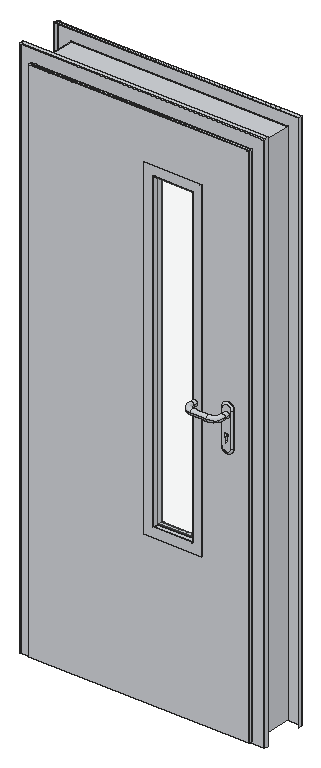
Revit family "Metalowe_3_ość-PS_metal", category Drzwi, Revit 2016
Family settings
  Obiekt nadrzędny = Ściana
  Numer OmniClass = 23.30.10.00
  Tytuł OmniClass = Doors
  Zawsze pionowo = Tak
  Tnij formami wycięć po wczytaniu = Nie
  Współdzielony = Nie
  Punkt obliczania pomieszczeń = Nie
Parameters (values of type "80")
  Zakres szerokości ściany [instance] = (if(and(Grubość ściany > 94 mm, Grubość ściany < 121 mm), "A", if(and(Grubość ściany > 120 mm, Grubość ściany < 146 mm), "B", (if(and(Grubość ściany > 145 mm, Grubość ściany < 171 mm), "C", (if(and(Grubość ściany > 170 mm, Grubość ściany < 196 mm), "D", (if(and(Grubość ściany > 195 mm, Grubość ściany < 221 mm), "E", (if(and(Grubość ściany > 220 mm, Grubość ściany < 246 mm), "F", (if(and(Grubość ściany > 245 mm, Grubość ściany < 271 mm), "G", (if(and(Grubość ściany > 270 mm, Grubość ściany < 296 mm), "H", "BRAK")))))))))))))))  # "C"
  Wysokość brutto = 2070 mm
  Szerokość skrzydła = 844 mm
  Szerokość brutto = 900 mm
  Producent = "PORTA KMI Poland"  # constant formula
  Model = "Metalowe z ramką 3"
  Materiał szklenie = Szkło
  Materiał skrzydło = none
  Materiał ramka = none
  Materiał ościeżnica = none
  Materiał klamka = none
  Konstrukcja analityczna = "<Brak>"
  Informacja = "Własność Porta KMI Poland, wszelkie prawa zastrzeżone."  # constant formula
  Grubość ściany [instance] = 150 mm
  Funkcja = Wewnętrzna
  Wysokość = 2016 mm
  Zakończenie ściany = Wg obiektu nadrzędnego
  Szerokość = 796 mm
  URL = "www.porta.com.pl"
Types (3, lengths in mm): name | Szerokość skrzydła | Szerokość brutto | Szerokość
  90 | 944 | 1000 | 896
  80 | 844 | 900 | 796
  100 | 1044 | 1100 | 996
Reference planes
  plane 1: y = 0
  plane 2 "Środek (Lewa/Prawa)": x = 0
  plane 3 "Lewy": x = -450
  plane 4 "Prawy": x = 450
  plane 5: z = 2070
  plane 6 "Zewnętrzna": y = 75
  plane 7 "Wewnętrzna": y = -75
  plane 8: x = -398
  plane 9: x = 398
  plane 10: z = 177
  plane 11: z = 1877
  plane 12: y = -105
  plane 13: y = -949
Forms (mm)
  Sweep 1, solid, material <- "Materiał ościeżnica"
    path in 3D
      loop
        line (-450, -75, 0) -> (-450, -75, 2070) -> (450, -75, 2070) -> (450, -75, 0)
    profile origin (-450, -75, 1035) x (0, -1, 0) y (1, 0, 0)
      loop
        arc (-75.005, 40) -> (-74.126, 37.879) -> (-72.005, 37) r 3
        line (-72.005, 37) -> (-67.005, 37) -> (-67.005, 38.506) -> (-72.005, 38.506)
        arc (-72.005, 38.506) -> (-73.065, 38.946) -> (-73.505, 40.007) r 1.5
        line (-73.505, 40.007) -> (-73.505, 48.993)
        arc (-73.505, 48.993) -> (-73.065, 50.054) -> (-72.005, 50.493) r 1.5
        line (-72.005, 50.493) -> (-16.255, 50.5)
        arc (-16.255, 50.5) -> (-15.505, 49.75) -> (-16.255, 49) r 0.75
        line (-16.255, 49) -> (-22.685, 49.83)
        arc (-22.685, 49.83) -> (-24.656, 49.228) -> (-25.505, 47.35) r 2.5
        line (-25.505, 47.35) -> (-25.505, 38)
        arc (-25.505, 38) -> (-24.773, 36.232) -> (-23.005, 35.5) r 2.5
        line (-23.005, 35.5) -> (12.5, 35.5)
        arc (12.5, 35.5) -> (13.207, 35.207) -> (13.5, 34.5) r 1
        line (13.5, 34.5) -> (13.5, -15.5)
        arc (13.5, -15.5) -> (13.207, -16.207) -> (12.5, -16.5) r 1
        line (12.5, -16.5) -> (0, -16.5) -> (0, -18) -> (12.5, -18)
        arc (12.5, -18) -> (14.268, -17.268) -> (15, -15.5) r 2.5
        line (15, -15.5) -> (15, 34.5)
        arc (15, 34.5) -> (14.268, 36.268) -> (12.5, 37) r 2.5
        line (12.5, 37) -> (-23.005, 37)
        arc (-23.005, 37) -> (-23.712, 37.293) -> (-24.005, 38) r 1
        line (-24.005, 38) -> (-24.005, 47.422)
        arc (-24.005, 47.422) -> (-23.662, 48.175) -> (-22.868, 48.412) r 1
        line (-22.868, 48.412) -> (-16.255, 47.5)
        arc (-16.255, 47.5) -> (-14.005, 49.75) -> (-16.255, 52) r 2.25
        line (-16.255, 52) -> (-72.005, 52)
        arc (-72.005, 52) -> (-74.126, 51.121) -> (-75.005, 49) r 3
        line (-75.005, 49) -> (-75.005, 40)
  Sweep 2, solid, material <- "Materiał ościeżnica"
    path in 3D
      loop
        line (450, 75, 0) -> (450, 75, 2070) -> (-450, 75, 2070) -> (-450, 75, 0)
    profile origin (-450, 75, 1035) x (1, 0, 0) y (0, 1, 0)
      loop
        line (35.5, 12.5) -> (35.5, -115.995) -> (37, -115.995) -> (37, 12.5)
        arc (37, 12.5) -> (36.268, 14.268) -> (34.5, 15) r 2.5
        line (34.5, 15) -> (-15.5, 15)
        arc (-15.5, 15) -> (-17.268, 14.268) -> (-18, 12.5) r 2.5
        line (-18, 12.5) -> (-18, 0) -> (-16.5, 0) -> (-16.5, 12.5)
        arc (-16.5, 12.5) -> (-16.207, 13.207) -> (-15.5, 13.5) r 1
        line (-15.5, 13.5) -> (34.5, 13.5)
        arc (34.5, 13.5) -> (35.207, 13.207) -> (35.5, 12.5) r 1
Lines and regions (mm)
  Opening 1
    outline origin (-3050, -75, 0) x (1, 0, 0) y (0, 0, 1)
      loop
        line (2600, 0) -> (3500, 0) -> (3500, 2070) -> (2600, 2070) -> (2600, 0)
  symbolic lines, style "Ugięcie elewacji"
    curve 1: line (450, -75, 1035) -> (-740.25, -75, 2070)
    curve 2: line (450, -75, 1035) -> (-450, -75, 0)
    curve 3: line (-450, 75, 0) -> (450, 75, 1035)
    curve 4: line (450, 75, 1035) -> (-450, 75, 1817.609)
  sketch lines
    curve 5: line (-450, -75, 0) -> (-450, -75, 2070)
    curve 6: line (-450, -75, 2070) -> (450, -75, 2070)
    curve 7: line (450, -75, 2070) -> (450, -75, 0)
    curve 8: line (-450, 75, 2070) -> (-450, 75, 0)
    curve 9: line (450, 75, 2070) -> (-450, 75, 2070)
    curve 10: line (450, 75, 0) -> (450, 75, 2070)
  symbolic lines
    curve 11: line (-398, -105, 0) -> (-398, -949, 0)
    curve 12: line (-438, -949, 0) -> (-398, -949, 0)
    curve 13: line (-438, -105, 0) -> (-398, -105, 0)
    curve 14: line (-438, -949, 0) -> (-438, -105, 0)
    curve 15: arc (-398, -949, 0) -> (183.465, -693.493, 0) -> (422.341, -105, 0) r 844.341
Text (mm)
  text "Zewnętrzna" at (-2295.016, 1099.543, 0), in view "Poziom odniesienia"
  text "Zewnętrzna" at (0, 1615.38, 3698.081), in view "Lewy"
  text "Zewnętrzna" at (0, 1036.032, 3874.932), in view "Prawy"
Dimensions and locks
  equal spacing: plane 3 "Lewy", plane 2 "Środek (Lewa/Prawa)", plane 4 "Prawy"
  "Szerokość brutto": plane 3 "Lewy" to plane 4 "Prawy"
  "Wysokość brutto": plane 5 to host wall
  equal spacing: host wall, curve 2, plane 5
  equal spacing: host wall, curve 4, plane 5
  locked: plane 6 "Zewnętrzna" to host wall at 0
  locked: plane 7 "Wewnętrzna" to host wall
  equal spacing: plane 8, plane 2 "Środek (Lewa/Prawa)", plane 9
  "Szerokość": plane 8 to plane 9
  locked: level to plane 10 at 177
  level to plane 11 = 1877 mm
  locked: plane 7 "Wewnętrzna" to Sweep 2 sketch curve at 34.005
  "Grubość ściany": host wall to host wall
  locked: plane 12 to plane 7 "Wewnętrzna" at 30
  "Szerokość skrzydła": plane 12 to plane 13
  locked: curve 14 to plane 8 at 40
  aligned and locked: plane 3 "Lewy" to Opening 1 sketch curve
  aligned and locked: plane 5 to Opening 1 sketch curve  (x2)
  aligned and locked: Opening 1 sketch curve to plane 4 "Prawy"
  aligned and locked: Opening 1 sketch curve to level
  aligned and locked: plane 5 to curve 1
  aligned and locked: plane 3 "Lewy" to curve 2
  aligned and locked: plane 1 to host wall
  aligned and locked: nested 1 to plane 12
  aligned and locked: plane 2 "Środek (Lewa/Prawa)" to nested 1
  aligned and locked: curve 11 to plane 8
  aligned and locked: curve 12 to plane 13
  aligned and locked: curve 13 to plane 12
Automatic sketch dimensions
  curve 4 to plane 3 "Lewy" = 0 mm
  curve 3 to level = 0 mm
  curve 2 to level = 0 mm
  curve 3 to plane 3 "Lewy" = 0 mm
  curve 3 to plane 4 "Prawy" = 0 mm
  curve 2 to plane 4 "Prawy" = 0 mm
  Sweep 1 sketch curve to Sweep 1 sketch curve = 0 mm  (x21)
  Sweep 1 sketch curve to Sweep 1 sketch curve = 1.5 mm  (x5)
  Sweep 1 sketch curve to Sweep 1 sketch curve = 5 mm
  Sweep 1 sketch curve to Sweep 1 sketch curve = 1 mm  (x4)
  Sweep 1 sketch curve to Sweep 1 sketch curve = 0.137 mm
  Sweep 1 sketch curve to Sweep 1 sketch curve = 0.183 mm
  Sweep 1 sketch curve to Sweep 1 sketch curve = 6.43 mm
  Sweep 1 sketch curve to Sweep 1 sketch curve = 23.005 mm
  Sweep 1 sketch curve to Sweep 1 sketch curve = 12.5 mm
  Sweep 1 sketch curve to Sweep 1 sketch curve = 28.755 mm
  Sweep 1 sketch curve to Sweep 1 sketch curve = 1.494 mm
  Sweep 1 sketch curve to Sweep 1 sketch curve = 0.001 mm
  Sweep 1 sketch curve to Sweep 1 sketch curve = 9.35 mm
  Sweep 1 sketch curve to Sweep 1 sketch curve = 0.071 mm
  Sweep 1 sketch curve to Sweep 1 sketch curve = 0.912 mm
  Sweep 1 sketch curve to Sweep 1 sketch curve = 8.987 mm
  Sweep 1 sketch curve to Sweep 1 sketch curve = 0.007 mm
  Sweep 1 sketch curve to Sweep 1 sketch curve = 41.5 mm
  Sweep 1 sketch curve to Sweep 1 sketch curve = 50 mm
  profile plane to Sweep 1 sketch curve = 75.005 mm
  Sweep 1 sketch curve to profile plane = 18 mm
  Sweep 2 sketch curve to Sweep 2 sketch curve = 0 mm  (x4)
  Sweep 2 sketch curve to profile plane = 12.5 mm
  Sweep 2 sketch curve to profile plane = 18 mm
  Sweep 2 sketch curve to Sweep 2 sketch curve = 1.5 mm
  Sweep 2 sketch curve to Sweep 2 sketch curve = 1 mm  (x2)
  Sweep 2 sketch curve to Sweep 2 sketch curve = 50 mm
  Sweep 2 sketch curve to Sweep 2 sketch curve = 12.5 mm
  curve 15 to plane 12 = 0 mm
  curve 13 to curve 15 = 16 mm
Nested families
  nested 1: "skrzydło" at (0, -105, 8) x (-1, 0, 0) z (0, 0, 1), type "skrzydło"
Definition of nested family "skrzydło"
  Parameters
    Wysokość = 2030 mm
    Szerokość = 844 mm
    Materiał szklenie = none
    Materiał ramka = none
    Materiał klamka = none
    Materiał = none
  Reference planes
    plane 1 "Środek (Przód/Tył)": y = 0
    plane 2: z = 0
    plane 3 "Środek (Lewa/Prawa)": x = 0
    plane 4: z = 2030
    plane 5: x = -422
    plane 6: x = 422
    plane 7: y = 40
    plane 8: x = -342.4
    plane 9: z = 1102
    plane 10: z = 612.5
    plane 11: z = 1815.5
    plane 12: x = -207.5
    plane 13: x = -54.5
    plane 14: y = 20
  Forms (mm)
    Extrusion 1, solid, material <- "Materiał"
      sketch origin (0, 0, 0) x (1, 0, 0) y (0, 0, 1)
        loop
          line (-422, 2030) -> (-422, 0) -> (422, 0) -> (422, 2030) -> (-422, 2030)
      from 0 to -40
    Extrusion 2, void
      sketch origin (0, 0, 0) x (1, 0, 0) y (0, 0, 1)
        loop
          line (-207.5, 612.5) -> (-54.5, 612.5) -> (-54.5, 1815.5) -> (-207.5, 1815.5) -> (-207.5, 612.5)
      from 0 to -67
    Sweep 3, solid, material <- "Materiał ramka"
      path in 3D
        loop
          line (-207.5, 0, 1815.5) -> (-54.5, 0, 1815.5) -> (-54.5, 0, 612.5) -> (-207.5, 0, 612.5) -> (-207.5, 0, 1815.5)
      profile origin (-207.5, 0, 1214) x (0, -1, 0) y (1, 0, 0)
        loop
          line (-18, 1.5) -> (-18, 0.5) -> (-1, 0.5)
          arc (-1, 0.5) -> (-0.293, 0.207) -> (0, -0.5) r 1
          line (0, -0.5) -> (0, -34.5) -> (1, -34.5) -> (1, -0.5)
          arc (1, -0.5) -> (0.414, 0.914) -> (-1, 1.5) r 2
          line (-1, 1.5) -> (-18, 1.5)
    Sweep 4, solid, material <- "Materiał ramka"
      path in 3D
        loop
          line (-54.5, 40, 1815.5) -> (-207.5, 40, 1815.5) -> (-207.5, 40, 612.5) -> (-54.5, 40, 612.5) -> (-54.5, 40, 1815.5)
      profile origin (-54.5, 40, 1214) x (0, 1, 0) y (-1, 0, 0)
        loop
          line (-18, 1.5) -> (-18, 0.5) -> (-1, 0.5)
          arc (-1, 0.5) -> (-0.293, 0.207) -> (0, -0.5) r 1
          line (0, -0.5) -> (0, -34.5) -> (1, -34.5) -> (1, -0.5)
          arc (1, -0.5) -> (0.414, 0.914) -> (-1, 1.5) r 2
          line (-1, 1.5) -> (-18, 1.5)
    Extrusion 5, solid, material <- "Materiał szklenie"
      sketch origin (-541.705, 20, 1200) x (-1, 0, 0) y (0, 0, 1)
        loop
          line (-334.205, 615.5) -> (-487.205, 615.5) -> (-487.205, -587.5) -> (-334.205, -587.5) -> (-334.205, 615.5)
      from -2 to 2
    Sweep 6, void
      path in 3D
        loop
          line (422, 0, 0) -> (422, 0, 2030) -> (-422, 0, 2030) -> (-422, 0, 0)
      profile origin (-422, 0, 1015) x (-1, 0, 0) y (0, -1, 0)
        loop
          line (0, -1.6) -> (0, -12.4)
          arc (0, -12.4) -> (-0.469, -13.531) -> (-1.6, -14) r 1.6
          line (-1.6, -14) -> (-13, -14) -> (-13, -38.4)
          arc (-13, -38.4) -> (-13.469, -39.531) -> (-14.6, -40) r 1.6
          line (-14.6, -40) -> (3.4, -40) -> (3.4, 0) -> (-1.6, 0)
          arc (-1.6, 0) -> (-0.469, -0.469) -> (0, -1.6) r 1.6
  Cuts and joins
    Extrusion 2, Sweep 6 cuts Extrusion 1
  Lines and regions (mm)
    sketch lines
      curve 1: line (-207.5, 0, 612.5) -> (-207.5, 0, 1815.5)
      curve 2: line (-207.5, 0, 1815.5) -> (-54.5, 0, 1815.5)
      curve 3: line (-54.5, 0, 612.5) -> (-207.5, 0, 612.5)
      curve 4: line (-54.5, 0, 1815.5) -> (-54.5, 0, 612.5)
      curve 5: line (-54.5, 40, 612.5) -> (-54.5, 40, 1815.5)
      curve 6: line (-207.5, 40, 612.5) -> (-54.5, 40, 612.5)
      curve 7: line (-207.5, 40, 1815.5) -> (-207.5, 40, 612.5)
      curve 8: line (-54.5, 40, 1815.5) -> (-207.5, 40, 1815.5)
      curve 9: line (-422, 0, 2030) -> (-422, 0, 0)
      curve 10: line (422, 0, 2030) -> (-422, 0, 2030)
      curve 11: line (422, 0, 0) -> (422, 0, 2030)
  Dimensions and locks
    "Wysokość": plane 4 to level
    equal spacing: plane 6, plane 3 "Środek (Lewa/Prawa)", plane 5
    "Szerokość": plane 6 to plane 5
    locked: plane 1 "Środek (Przód/Tył)" to plane 7 at 40
    locked: plane 9 to level at 1102
    locked: plane 10 to level at 612.5
    locked: plane 11 to plane 10 at 1203
    equal spacing: plane 1 "Środek (Przód/Tył)", plane 14, plane 7
    locked: plane 12 to plane 5 at 214.5
    locked: plane 13 to plane 12 at 153
    aligned and locked: level to plane 2
    aligned and locked: Extrusion 1 sketch curve to level
    aligned and locked: nested 2 to plane 8
    aligned and locked: plane 8 to nested 1
    aligned and locked: plane 7 to nested 2
    aligned and locked: plane 1 "Środek (Przód/Tył)" to nested 1
    aligned and locked: plane 9 to nested 1
    aligned and locked: nested 2 to plane 9
    aligned and locked: Extrusion 2 sketch curve to plane 10
    aligned and locked: Extrusion 2 sketch curve to plane 11
    aligned and locked: Extrusion 2 sketch curve to plane 12
    aligned and locked: Extrusion 2 sketch curve to plane 13
    aligned and locked: Extrusion 5 sketch curve to plane 11
    aligned and locked: Extrusion 5 sketch curve to plane 10
    aligned and locked: Extrusion 5 sketch curve to plane 13
    aligned and locked: cut or joined group of Extrusion 1, Extrusion 2, Sweep 6 to plane 7
    aligned and locked: Extrusion 1 sketch curve to plane 5
    aligned and locked: Extrusion 1 sketch curve to plane 4
    aligned and locked: plane 6 to Extrusion 1 sketch curve
  Automatic sketch dimensions
    Sweep 6 sketch curve to profile plane = 0 mm  (x2)
    Sweep 6 sketch curve to Sweep 6 sketch curve = 1.6 mm  (x2)
    Sweep 6 sketch curve to profile plane = 1.6 mm
    Sweep 6 sketch curve to profile plane = 13 mm
    profile plane to Sweep 6 sketch curve = 3.4 mm
    Sweep 6 sketch curve to Sweep 6 sketch curve = 10.8 mm
    Sweep 6 sketch curve to Sweep 6 sketch curve = 24.4 mm
    Sweep 3 sketch curve to Sweep 3 sketch curve = 0 mm  (x2)
    Sweep 3 sketch curve to profile plane = 0 mm
    profile plane to Sweep 3 sketch curve = 1 mm
    profile plane to Sweep 3 sketch curve = 1.5 mm
    Sweep 3 sketch curve to Sweep 3 sketch curve = 17 mm
    Sweep 3 sketch curve to profile plane = 0.5 mm
    Sweep 3 sketch curve to Sweep 3 sketch curve = 34 mm
    Extrusion 5 sketch curve to plane 12 = 0 mm
    Sweep 4 sketch curve to Sweep 4 sketch curve = 0 mm  (x2)
    profile plane to Sweep 4 sketch curve = 0 mm
    profile plane to Sweep 4 sketch curve = 0.5 mm
    Sweep 4 sketch curve to Sweep 4 sketch curve = 17 mm
    Sweep 4 sketch curve to Sweep 4 sketch curve = 1 mm
    Sweep 4 sketch curve to profile plane = 0.5 mm
    Sweep 4 sketch curve to Sweep 4 sketch curve = 34 mm
  Nested families
    nested 1: "klamka" at (-342.4, 0, 1102), type "klamka"
    nested 2: "klamka" at (-342.4, 40, 1102), type "klamka"
  Definition of nested family "klamka"
    Parameters
      Materiał = none
    Reference planes
      plane 1 "Środek (Przód/Tył)": y = 0
      plane 2: z = 0
      plane 3 "Środek (Lewa/Prawa)": x = 0
    Forms (mm)
      Extrusion 1, solid, material <- "Materiał"
        sketch origin (0, 0, 0) x (1, 0, 0) y (0, 0, 1)
          loop
            arc (5.25, -79) -> (0, -63.25) -> (-5.25, -79) r 8.75
            line (-5.25, -79) -> (-5.25, -92)
            arc (-5.25, -92) -> (0, -97.25) -> (5.25, -92) r 5.25
            line (5.25, -92) -> (5.25, -79)
          loop
            arc (-22.5, -112) -> (0, -134.5) -> (22.5, -112) r 22.5
            line (22.5, -112) -> (22.5, 18)
            arc (22.5, 18) -> (0, 40.5) -> (-22.5, 18) r 22.5
            line (-22.5, 18) -> (-22.5, -112)
        from 0 to 8
      Sweep 2, void
        path in 3D
          loop
            arc (-22.5, -8, -112) -> (0, -8, -134.5) -> (22.5, -8, -112) r 22.5
            line (22.5, -8, -112) -> (22.5, -8, 18)
            arc (22.5, -8, 18) -> (0, -8, 40.5) -> (-22.5, -8, 18) r 22.5
            line (-22.5, -8, 18) -> (-22.5, -8, -112)
        profile origin (-22.5, -8, -47) x (-1, 0, 0) y (0, -1, 0)
          loop
            arc (-5, 0) -> (-1.464, -1.464) -> (0, -5) r 5
            line (0, -5) -> (0, 0) -> (-5, 0)
      Sweep 3, solid, material <- "Materiał"
        path origin (0, 0, 0) x (1, 0, 0) y (0, 1, 0)
          loop
            line (0, -8) -> (0, -28)
            arc (0, -28) -> (8.787, -49.213) -> (30, -58) r 30
            line (30, -58) -> (90, -58)
            arc (90, -58) -> (111.213, -49.213) -> (120, -28) r 30
            line (120, -28) -> (120, -13)
        profile origin (0, -18, 0) x (1, 0, 0) y (0, 0, 1)
          loop
            circle (0, 0) r 10
    Cuts and joins
      Sweep 2 cuts Extrusion 1
    Lines and regions (mm)
      sketch lines
        curve 1: line (-22.5, -8, 18) -> (-22.5, -8, -112)
        curve 2: arc (-22.5, -8, 18) -> (0, -8, 40.5) -> (22.5, -8, 18) r 22.5
        curve 3: line (22.5, -8, -112) -> (22.5, -8, 18)
        curve 4: arc (22.5, -8, -112) -> (0, -8, -134.5) -> (-22.5, -8, -112) r 22.5
    Dimensions and locks
      aligned and locked: level to plane 2
      aligned and locked: Extrusion 1 to Sweep 2 sketch curve
      aligned and locked: profile plane to Sweep 2 sketch curve
